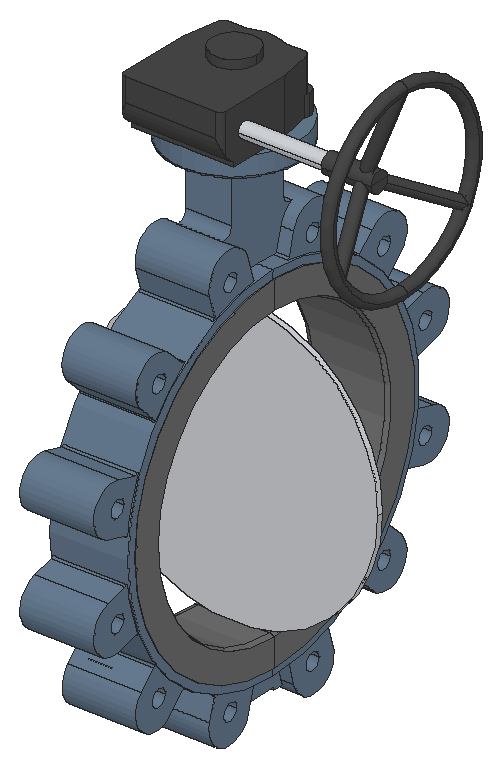
Revit family "Absperr- und Regulierklappe mit Getriebe AF-4219", category Rohrzubehör, Revit 2018
Family settings
  Bemaßung runder Anschluss = Durchmesser verwenden
  Teiletyp = Unterbricht
  OmniClass-Nummer = 23.65.55.14
  OmniClass-Titel = Valves for Liquid Services
  Arbeitsebenenbasiert = Nein
  Immer vertikal = Ja
  Beim Laden mit Abzugskörper schneiden = Nein
  Gemeinsam genutzt = Nein
Parameters
  URL = "www.herz-armaturen.at"
  Spindel = "Edelstahl ASTM-A276 / Type 316"  # constant formula
  Schrauben [instance] = if(Nennweite = 50 mm, "4x M16x35", if(Nennweite = 65 mm, "4x M16x35", if(Nennweite = 80 mm, "8x M16x35", if(Nennweite = 100 mm, "8x M16x40", if(Nennweite = 125 mm, "8x M16x40", if(Nennweite = 150 mm, "8x M20x40", if(Nennweite = 200 mm, "12x M20x45", if(Nennweite = 250 mm, "12x M24x45", "12x M24x45"))))))))  # "12x M24x45"
  SCTWSEQ = "FW;SBT_TYP_FW=\"101\";2"
  SCTWCODE = "04;07;02"  # constant formula
  SCRNSEQ = "ARM;ARM_TYP=\"ALLF\";2"
  SCRNCODE = "05;13;02"  # constant formula
  R99 = 1.5 mm  # constant formula
  PN [instance] = size_lookup("4219_AF_G", "PN", 16, Nennweite)  # 10
  O-Ring = "EPDM entsprechend ISO 1691"  # constant formula
  Min.Betriebstemperatur = "-20.00 °C bei entsprechneder Wasser-Glycolmischung"  # constant formula
  Medium = "Ethylen- und Propyleneglykol kann in einem Mischungsverhältnis zwischen 25 - 50 vol. [%] verwendet werden."
  Max.Betriebstemperatur = 110 °C  # constant formula
  L04 [instance] = L01 - 3.5 mm  # 35.5 mm
  L03 [instance] = L01 + 1.5 mm  # 40.5 mm
  L02 [instance] = size_lookup("4219_AF_G", "L2", 14.5 mm, Nennweite)  # 30.5 mm
  L01 [instance] = size_lookup("4219_AF_G", "L1", 21.5 mm, Nennweite)  # 39 mm
  R01 [instance] = size_lookup("4219_AF_G", "R1", 44 mm, Nennweite)  # 65 mm
  Nennweite [instance] = 300 mm
  Klappenscheibe = "Edelstahl 1.4408"  # constant formula
  Hersteller = "HERZ Armaturen Ges.m.b.H."  # constant formula
  Hebel DN50-150 = "Stahl, ST14.03"  # constant formula
  Hebel DN200-DN300 = "Stahl, S235 DIN2458/1626"  # constant formula
  H02 [instance] = size_lookup("4219_AF_G", "H2", 13 mm, Nennweite)  # 20 mm
  H01 [instance] = size_lookup("4219_AF_G", "H1", 125 mm, Nennweite)  # 308 mm
  Gewicht [instance] = size_lookup("4219_AF_G", "Gewicht", 3.8, Nennweite)  # 37.6
  Gehäuseauskleidung = "EPDM entsprechend ISO 1691"  # constant formula
  Gehäuse = "GGG, GJS-400-15/JS1030, entsprechend EN1563"  # constant formula
  Drehmoment in NM [instance] = size_lookup("4219_AF_G", "Nm", 20, Nennweite)  # 350
  DN80 [instance] = Nennweite = 80 mm  # no
  DN65 [instance] = Nennweite = 65 mm  # no
  DN50 [instance] = Nennweite = 50 mm  # no
  DN300 [instance] = Nennweite = 300 mm  # yes
  DN250 [instance] = Nennweite = 250 mm  # no
  DN200 [instance] = Nennweite = 200 mm  # no
  DN150 [instance] = Nennweite = 150 mm  # no
  DN125 [instance] = Nennweite = 125 mm  # no
  DN100 [instance] = Nennweite = 100 mm  # no
  D06 [instance] = size_lookup("4219_AF_G", "D6", 25.3 mm, Nennweite)  # 146.5 mm
  D05 [instance] = size_lookup("4219_AF_G", "D5", 24.5 mm, Nennweite)  # 145 mm
  D04 [instance] = D05 + 2 mm  # 147 mm
  D03 [instance] = size_lookup("4219_AF_G", "D3", 35.5 mm, Nennweite)  # 167.5 mm
  D02 [instance] = size_lookup("4219_AF_G", "D2", 41 mm, Nennweite)  # 175 mm
  D01 [instance] = size_lookup("4219_AF_G", "D1", 47 mm, Nennweite)  # 183 mm
  Bestellnummer [instance] = size_lookup("4219_AF_G", "Artnr", 421911, Nennweite)  # 1421979
  Anwendungsgebiet = "Geeignet für Flüssigkeiten in der Haustechnik, Kaltwasser, Heißwasser, etc."
  Anschlussflansch = "entsprechend EN1092-2"  # constant formula
Reference planes
  plane 1 "Mitte (Vorne/hinten)": y = 0
  plane 2: z = 0
  plane 3 "Mitte (Links/rechts)": x = 0
Forms (mm)
  Revolve 1, solid, material "Herz-Metall-blau", detail levels fine
    sketch origin (0, 0, 0) x (1, 0, 0) y (0, 0, 1)
      loop
        line (-30.5, 175) -> (-30.5, 167.5) -> (30.5, 167.5) -> (30.5, 175) -> (39, 175) -> (39, 183) -> (-39, 183) -> (-39, 175) -> (-30.5, 175)
      axis (-39, 0) -> (39, 0)
    angle from 0 to 360
  Revolve 2, solid, material "Herz-Metall-blau", detail levels fine
    sketch origin (0, 0, 0) x (1, 0, 0) y (0, 0, 1)
      loop
        line (-65, 308) -> (-65, 289.463)
        arc (-65, 289.463) -> (-64.673, 288.527) -> (-63.833, 288) r 1.5
        line (-63.833, 288) -> (0, 288) -> (0, 308) -> (-65, 308)
      axis (0, 308) -> (0, 288)
    angle from 0 to 360
  Extrusion 3, solid, material "Herz-Metall-blau", visible <- "DN50", detail levels fine
    sketch origin (0, 0, 0) x (0, 1, 0) y (0, 0, 1)
      loop
        line (56.215, -32.173) -> (43.95, -19.909)
        arc (43.95, -19.909) -> (43.387, -18.793) -> (43.596, -17.56) r 2
        arc (43.596, -17.56) -> (33.234, -33.234) -> (17.56, -43.596) r 47
        arc (17.56, -43.596) -> (18.793, -43.387) -> (19.909, -43.95) r 2
        line (19.909, -43.95) -> (32.173, -56.215)
        arc (32.173, -56.215) -> (56.215, -56.215) -> (56.215, -32.173) r 17
      loop
        arc (-56.215, -32.173) -> (-56.215, -56.215) -> (-32.173, -56.215) r 17
        line (-32.173, -56.215) -> (-19.909, -43.95)
        arc (-19.909, -43.95) -> (-18.793, -43.387) -> (-17.56, -43.596) r 2
        arc (-17.56, -43.596) -> (-33.234, -33.234) -> (-43.596, -17.56) r 47
        arc (-43.596, -17.56) -> (-43.387, -18.793) -> (-43.95, -19.909) r 2
        line (-43.95, -19.909) -> (-56.215, -32.173)
      loop
        arc (56.215, 32.173) -> (56.215, 56.215) -> (32.173, 56.215) r 17
        line (32.173, 56.215) -> (19.909, 43.95)
        arc (19.909, 43.95) -> (18.793, 43.387) -> (17.56, 43.596) r 2
        arc (17.56, 43.596) -> (33.234, 33.234) -> (43.596, 17.56) r 47
        arc (43.596, 17.56) -> (43.387, 18.793) -> (43.95, 19.909) r 2
        line (43.95, 19.909) -> (56.215, 32.173)
      loop
        line (-56.215, 32.173) -> (-43.95, 19.909)
        arc (-43.95, 19.909) -> (-43.387, 18.793) -> (-43.596, 17.56) r 2
        arc (-43.596, 17.56) -> (-33.234, 33.234) -> (-17.56, 43.596) r 47
        arc (-17.56, 43.596) -> (-18.793, 43.387) -> (-19.909, 43.95) r 2
        line (-19.909, 43.95) -> (-32.173, 56.215)
        arc (-32.173, 56.215) -> (-56.215, 56.215) -> (-56.215, 32.173) r 17
      loop
        circle (-44.194, 44.194) r 6.92
      loop
        circle (44.194, 44.194) r 6.92
      loop
        circle (44.194, -44.194) r 6.92
      loop
        circle (-44.194, -44.194) r 6.92
    from -19.5 to 19.5
  Extrusion 4, solid, material "Herz-Metall-blau", visible <- "DN50", detail levels fine
    sketch origin (0, 0, 0) x (0, 1, 0) y (0, 0, 1)
      loop
        line (20, 74.845) -> (20, 112) -> (-20, 112) -> (-20, 74.845)
        arc (-20, 74.845) -> (-26.046, 62.811) -> (-39.31, 60.477) r 15
        arc (-39.31, 60.477) -> (-35.477, 58.789) -> (-32.173, 56.215) r 17
        line (-32.173, 56.215) -> (-19.909, 43.95)
        arc (-19.909, 43.95) -> (-18.793, 43.387) -> (-17.56, 43.596) r 2
        arc (-17.56, 43.596) -> (0, 47) -> (17.56, 43.596) r 47
        arc (17.56, 43.596) -> (18.793, 43.387) -> (19.909, 43.95) r 2
        line (19.909, 43.95) -> (32.173, 56.215)
        arc (32.173, 56.215) -> (35.477, 58.789) -> (39.31, 60.477) r 17
        arc (39.31, 60.477) -> (26.046, 62.811) -> (20, 74.845) r 15
    from -15 to 15
  Extrusion 5, solid, material "Herz-Metall-blau", visible <- "DN50"
    sketch origin (0, 0, 0) x (0, 1, 0) y (0, 0, 1)
      loop
        arc (33.834, -58) -> (34.246, -58.062) -> (34.622, -58.243) r 1.4
        arc (34.622, -58.243) -> (33.35, -57.286) -> (32.173, -56.215) r 17
        line (32.173, -56.215) -> (19.909, -43.95)
        arc (19.909, -43.95) -> (18.793, -43.387) -> (17.56, -43.596) r 2
        arc (17.56, -43.596) -> (0, -47) -> (-17.56, -43.596) r 47
        arc (-17.56, -43.596) -> (-18.793, -43.387) -> (-19.909, -43.95) r 2
        line (-19.909, -43.95) -> (-32.173, -56.215)
        arc (-32.173, -56.215) -> (-33.35, -57.286) -> (-34.622, -58.243) r 17
        arc (-34.622, -58.243) -> (-34.246, -58.062) -> (-33.834, -58) r 1.4
        line (-33.834, -58) -> (-16.963, -58)
        arc (-16.963, -58) -> (-15.575, -58.575) -> (-15, -59.963) r 1.963
        line (-15, -59.963) -> (-15, -61) -> (15, -61) -> (15, -59.963)
        arc (15, -59.963) -> (15.575, -58.575) -> (16.963, -58) r 1.963
        line (16.963, -58) -> (33.834, -58)
    from -15 to 15
  Revolve 6, solid, material "Gummi", detail levels fine
    sketch origin (-134.5, 0, 0) x (1, 0, 0) y (0, 0, 1)
      loop
        line (94, 175) -> (94, 147) -> (99, 145) -> (170, 145) -> (175, 147) -> (175, 175) -> (165, 175) -> (165, 167.5) -> (104, 167.5) -> (104, 175) -> (94, 175)
      axis (94, 0) -> (175, 0)
    angle from 0 to 360
  Extrusion 7, solid, detail levels fine
    sketch origin (0, 0, 0) x (1, 0, 0) y (0, 0, 1)
      loop
        circle (0, 0) r 146.5
    from -2.5 to 2.5
  Extrusion 8, solid, material "Herz-Metall-blau", visible <- "DN65", detail levels fine
    sketch origin (0, -300, 0) x (0, 1, 0) y (0, 0, 1)
      loop
        circle (351.265, 51.265) r 6.92
      loop
        arc (363.286, 39.244) -> (363.286, 63.286) -> (339.244, 63.286) r 17
        line (339.244, 63.286) -> (328.595, 52.636)
        arc (328.595, 52.636) -> (327.499, 52.076) -> (326.282, 52.264) r 2
        arc (326.282, 52.264) -> (341.366, 41.366) -> (352.264, 26.282) r 58.501
        arc (352.264, 26.282) -> (352.087, 27.51) -> (352.656, 28.614) r 2.038
        line (352.656, 28.614) -> (363.286, 39.244)
      loop
        circle (351.265, -51.265) r 6.92
      loop
        line (363.286, -39.244) -> (352.656, -28.614)
        arc (352.656, -28.614) -> (352.087, -27.51) -> (352.264, -26.282) r 2.038
        arc (352.264, -26.282) -> (341.366, -41.366) -> (326.282, -52.264) r 58.501
        arc (326.282, -52.264) -> (327.499, -52.076) -> (328.595, -52.636) r 2
        line (328.595, -52.636) -> (339.244, -63.286)
        arc (339.244, -63.286) -> (363.286, -63.286) -> (363.286, -39.244) r 17
      loop
        circle (248.735, 51.265) r 6.92
      loop
        line (236.714, 39.244) -> (247.344, 28.614)
        arc (247.344, 28.614) -> (247.913, 27.51) -> (247.736, 26.282) r 2.038
        arc (247.736, 26.282) -> (258.634, 41.366) -> (273.718, 52.264) r 58.501
        arc (273.718, 52.264) -> (272.501, 52.076) -> (271.405, 52.636) r 2
        line (271.405, 52.636) -> (260.756, 63.286)
        arc (260.756, 63.286) -> (236.714, 63.286) -> (236.714, 39.244) r 17
      loop
        circle (248.735, -51.265) r 6.92
      loop
        arc (236.714, -39.244) -> (236.714, -63.286) -> (260.756, -63.286) r 17
        line (260.756, -63.286) -> (271.405, -52.636)
        arc (271.405, -52.636) -> (272.501, -52.076) -> (273.718, -52.264) r 2
        arc (273.718, -52.264) -> (258.634, -41.366) -> (247.736, -26.282) r 58.501
        arc (247.736, -26.282) -> (247.913, -27.51) -> (247.344, -28.614) r 2.038
        line (247.344, -28.614) -> (236.714, -39.244)
    from -21 to 21
  Extrusion 9, solid, material "Herz-Metall-blau", visible <- "DN65", detail levels fine
    sketch origin (0, -300, 0) x (0, 1, 0) y (0, 0, 1)
      loop
        line (278, 136.5) -> (278, 78.286)
        arc (278, 78.286) -> (272.889, 69.099) -> (263, 65.53) r 14.984
        line (263, 65.53) -> (257.982, 65.53)
        arc (257.982, 65.53) -> (259.428, 64.481) -> (260.756, 63.286) r 17
        line (260.756, 63.286) -> (271.405, 52.636)
        arc (271.405, 52.636) -> (272.501, 52.076) -> (273.718, 52.264) r 2
        arc (273.718, 52.264) -> (300, 58.5) -> (326.282, 52.264) r 58.5
        arc (326.282, 52.264) -> (327.499, 52.076) -> (328.595, 52.636) r 2
        line (328.595, 52.636) -> (339.244, 63.286)
        arc (339.244, 63.286) -> (340.572, 64.481) -> (342.018, 65.53) r 17
        line (342.018, 65.53) -> (337, 65.53)
        arc (337, 65.53) -> (327.111, 69.099) -> (322, 78.286) r 14.984
        line (322, 78.286) -> (322, 136.5) -> (278, 136.5)
      loop
        arc (260.756, -63.286) -> (259.428, -64.481) -> (257.982, -65.53) r 17
        line (257.982, -65.53) -> (280.029, -65.53)
        arc (280.029, -65.53) -> (281.423, -66.108) -> (282, -67.501) r 1.971
        line (282, -67.501) -> (282, -74) -> (318, -74) -> (318, -67.527)
        arc (318, -67.527) -> (318.585, -66.115) -> (319.997, -65.53) r 1.997
        line (319.997, -65.53) -> (342.018, -65.53)
        arc (342.018, -65.53) -> (340.572, -64.481) -> (339.244, -63.286) r 17
        line (339.244, -63.286) -> (328.595, -52.636)
        arc (328.595, -52.636) -> (327.499, -52.076) -> (326.282, -52.264) r 2
        arc (326.282, -52.264) -> (300, -58.5) -> (273.718, -52.264) r 58.5
        arc (273.718, -52.264) -> (272.501, -52.076) -> (271.405, -52.636) r 2
        line (271.405, -52.636) -> (260.756, -63.286)
    from -18 to 18
  Extrusion 10, solid, material "Herz-Metall-blau", visible <- "DN80", detail levels fine
    sketch origin (0, -300, 0) x (0, 1, 0) y (0, 0, 1)
      loop
        circle (269.385, 73.91) r 6.92
      loop
        arc (285.091, 80.416) -> (262.88, 89.616) -> (253.679, 67.405) r 17
        line (253.679, 67.405) -> (259.513, 53.322)
        arc (259.513, 53.322) -> (259.602, 52.073) -> (258.924, 51.02) r 1.982
        arc (258.924, 51.02) -> (274.934, 60.514) -> (292.968, 65.121) r 65.5
        arc (292.968, 65.121) -> (291.745, 65.388) -> (290.924, 66.335) r 1.984
        line (290.924, 66.335) -> (285.091, 80.416)
      loop
        circle (226.09, 30.615) r 6.92
      loop
        line (219.584, 14.909) -> (233.665, 9.076)
        arc (233.665, 9.076) -> (234.612, 8.255) -> (234.879, 7.032) r 1.984
        arc (234.879, 7.032) -> (239.486, 25.066) -> (248.98, 41.076) r 65.5
        arc (248.98, 41.076) -> (247.927, 40.398) -> (246.678, 40.487) r 1.982
        line (246.678, 40.487) -> (232.595, 46.321)
        arc (232.595, 46.321) -> (210.384, 37.12) -> (219.584, 14.909) r 17
      loop
        circle (269.385, -73.91) r 6.92
      loop
        line (285.091, -80.416) -> (290.924, -66.335)
        arc (290.924, -66.335) -> (291.745, -65.388) -> (292.968, -65.121) r 1.984
        arc (292.968, -65.121) -> (274.934, -60.514) -> (258.924, -51.02) r 65.5
        arc (258.924, -51.02) -> (259.602, -52.073) -> (259.513, -53.322) r 1.982
        line (259.513, -53.322) -> (253.679, -67.405)
        arc (253.679, -67.405) -> (262.88, -89.616) -> (285.091, -80.416) r 17
      loop
        circle (226.09, -30.615) r 6.92
      loop
        arc (219.584, -14.909) -> (210.384, -37.12) -> (232.595, -46.321) r 17
        line (232.595, -46.321) -> (246.678, -40.487)
        arc (246.678, -40.487) -> (247.927, -40.398) -> (248.98, -41.076) r 1.982
        arc (248.98, -41.076) -> (239.486, -25.066) -> (234.879, -7.032) r 65.5
        arc (234.879, -7.032) -> (234.612, -8.255) -> (233.665, -9.076) r 1.984
        line (233.665, -9.076) -> (219.584, -14.909)
      loop
        circle (330.615, 73.91) r 6.92
      loop
        line (314.909, 80.416) -> (309.076, 66.335)
        arc (309.076, 66.335) -> (308.255, 65.388) -> (307.032, 65.121) r 1.984
        arc (307.032, 65.121) -> (325.066, 60.514) -> (341.076, 51.02) r 65.5
        arc (341.076, 51.02) -> (340.398, 52.073) -> (340.487, 53.322) r 1.982
        line (340.487, 53.322) -> (346.321, 67.405)
        arc (346.321, 67.405) -> (337.12, 89.616) -> (314.909, 80.416) r 17
      loop
        circle (373.91, 30.615) r 6.92
      loop
        arc (380.416, 14.909) -> (389.616, 37.12) -> (367.405, 46.321) r 17
        line (367.405, 46.321) -> (353.322, 40.487)
        arc (353.322, 40.487) -> (352.073, 40.398) -> (351.02, 41.076) r 1.982
        arc (351.02, 41.076) -> (360.514, 25.066) -> (365.121, 7.032) r 65.5
        arc (365.121, 7.032) -> (365.388, 8.255) -> (366.335, 9.076) r 1.984
        line (366.335, 9.076) -> (380.416, 14.909)
      loop
        circle (330.615, -73.91) r 6.92
      loop
        arc (314.909, -80.416) -> (337.12, -89.616) -> (346.321, -67.405) r 17
        line (346.321, -67.405) -> (340.487, -53.322)
        arc (340.487, -53.322) -> (340.398, -52.073) -> (341.076, -51.02) r 1.982
        arc (341.076, -51.02) -> (325.066, -60.514) -> (307.032, -65.121) r 65.5
        arc (307.032, -65.121) -> (308.255, -65.388) -> (309.076, -66.335) r 1.984
        line (309.076, -66.335) -> (314.909, -80.416)
      loop
        circle (373.91, -30.615) r 6.92
      loop
        line (380.416, -14.909) -> (366.335, -9.076)
        arc (366.335, -9.076) -> (365.388, -8.255) -> (365.121, -7.032) r 1.984
        arc (365.121, -7.032) -> (360.514, -25.066) -> (351.02, -41.076) r 65.5
        arc (351.02, -41.076) -> (352.073, -40.398) -> (353.322, -40.487) r 1.982
        line (353.322, -40.487) -> (367.405, -46.321)
        arc (367.405, -46.321) -> (389.616, -37.12) -> (380.416, -14.909) r 17
    from -21 to 21
  Extrusion 11, solid, material "Herz-Metall-blau", visible <- "DN80", detail levels fine
    sketch origin (0, -300, 0) x (0, 1, 0) y (0, 0, 1)
      loop
        line (278, 143.5) -> (278, 100.814)
        arc (278, 100.814) -> (275.545, 94.251) -> (269.385, 90.91) r 10
        arc (269.385, 90.91) -> (278.83, 88.045) -> (285.091, 80.416) r 17
        line (285.091, 80.416) -> (290.924, 66.335)
        arc (290.924, 66.335) -> (291.744, 65.388) -> (292.968, 65.121) r 1.984
        arc (292.968, 65.121) -> (300, 65.497) -> (307.032, 65.121) r 66.05
        arc (307.032, 65.121) -> (308.256, 65.388) -> (309.076, 66.335) r 1.984
        line (309.076, 66.335) -> (314.909, 80.416)
        arc (314.909, 80.416) -> (321.17, 88.045) -> (330.615, 90.91) r 17
        arc (330.615, 90.91) -> (324.455, 94.251) -> (322, 100.814) r 10
        line (322, 100.814) -> (322, 143.5) -> (278, 143.5)
      loop
        line (285.091, -80.416) -> (286.5, -80.946) -> (313.5, -80.946) -> (314.89, -80.371) -> (309.076, -66.335)
        arc (309.076, -66.335) -> (308.256, -65.388) -> (307.032, -65.121) r 1.984
        arc (307.032, -65.121) -> (300, -65.497) -> (292.968, -65.121) r 66.05
        arc (292.968, -65.121) -> (291.744, -65.388) -> (290.924, -66.335) r 1.984
        line (290.924, -66.335) -> (285.091, -80.416)
    from -18.5 to 18.5
  Extrusion 12, solid, material "Herz-Metall-blau", visible <- "DN100", detail levels fine
    sketch origin (0, -300, 0) x (0, 1, 0) y (0, 0, 1)
      loop
        circle (265.558, 83.149) r 6.92
      loop
        arc (281.264, 89.655) -> (259.053, 98.855) -> (249.853, 76.644) r 17
        line (249.853, 76.644) -> (255.731, 62.451)
        arc (255.731, 62.451) -> (255.813, 61.14) -> (255.074, 60.055) r 2.025
        arc (255.074, 60.055) -> (271.3, 69.291) -> (289.305, 74.233) r 75
        arc (289.305, 74.233) -> (288.012, 74.478) -> (287.142, 75.464) r 2.027
        line (287.142, 75.464) -> (281.264, 89.655)
      loop
        circle (216.851, 34.442) r 6.92
      loop
        line (210.345, 18.736) -> (224.536, 12.858)
        arc (224.536, 12.858) -> (225.522, 11.988) -> (225.767, 10.695) r 2.027
        arc (225.767, 10.695) -> (230.709, 28.7) -> (239.945, 44.926) r 75
        arc (239.945, 44.926) -> (238.86, 44.187) -> (237.549, 44.269) r 2.025
        line (237.549, 44.269) -> (223.356, 50.147)
        arc (223.356, 50.147) -> (201.145, 40.947) -> (210.345, 18.736) r 17
      loop
        circle (265.558, -83.149) r 6.92
      loop
        line (281.264, -89.655) -> (287.142, -75.464)
        arc (287.142, -75.464) -> (288.012, -74.478) -> (289.305, -74.233) r 2.027
        arc (289.305, -74.233) -> (271.3, -69.291) -> (255.074, -60.055) r 75
        arc (255.074, -60.055) -> (255.813, -61.14) -> (255.731, -62.451) r 2.025
        line (255.731, -62.451) -> (249.853, -76.644)
        arc (249.853, -76.644) -> (259.053, -98.855) -> (281.264, -89.655) r 17
      loop
        circle (216.851, -34.442) r 6.92
      loop
        arc (210.345, -18.736) -> (201.145, -40.947) -> (223.356, -50.147) r 17
        line (223.356, -50.147) -> (237.549, -44.269)
        arc (237.549, -44.269) -> (238.86, -44.187) -> (239.945, -44.926) r 2.025
        arc (239.945, -44.926) -> (230.709, -28.7) -> (225.767, -10.695) r 75
        arc (225.767, -10.695) -> (225.522, -11.988) -> (224.536, -12.858) r 2.027
        line (224.536, -12.858) -> (210.345, -18.736)
      loop
        circle (334.442, 83.149) r 6.92
      loop
        line (318.736, 89.655) -> (312.858, 75.464)
        arc (312.858, 75.464) -> (311.988, 74.478) -> (310.695, 74.233) r 2.027
        arc (310.695, 74.233) -> (328.7, 69.291) -> (344.926, 60.055) r 75
        arc (344.926, 60.055) -> (344.187, 61.14) -> (344.269, 62.451) r 2.025
        line (344.269, 62.451) -> (350.147, 76.644)
        arc (350.147, 76.644) -> (340.947, 98.855) -> (318.736, 89.655) r 17
      loop
        circle (383.149, 34.442) r 6.92
      loop
        arc (389.655, 18.736) -> (398.855, 40.947) -> (376.644, 50.147) r 17
        line (376.644, 50.147) -> (362.451, 44.269)
        arc (362.451, 44.269) -> (361.14, 44.187) -> (360.055, 44.926) r 2.025
        arc (360.055, 44.926) -> (369.291, 28.7) -> (374.233, 10.695) r 75
        arc (374.233, 10.695) -> (374.478, 11.988) -> (375.464, 12.858) r 2.027
        line (375.464, 12.858) -> (389.655, 18.736)
      loop
        circle (334.442, -83.149) r 6.92
      loop
        arc (318.736, -89.655) -> (340.947, -98.855) -> (350.147, -76.644) r 17
        line (350.147, -76.644) -> (344.269, -62.451)
        arc (344.269, -62.451) -> (344.187, -61.14) -> (344.926, -60.055) r 2.025
        arc (344.926, -60.055) -> (328.7, -69.291) -> (310.695, -74.233) r 75
        arc (310.695, -74.233) -> (311.988, -74.478) -> (312.858, -75.464) r 2.027
        line (312.858, -75.464) -> (318.736, -89.655)
      loop
        circle (383.149, -34.442) r 6.92
      loop
        line (389.655, -18.736) -> (375.464, -12.858)
        arc (375.464, -12.858) -> (374.478, -11.988) -> (374.233, -10.695) r 2.027
        arc (374.233, -10.695) -> (369.291, -28.7) -> (360.055, -44.926) r 75
        arc (360.055, -44.926) -> (361.14, -44.187) -> (362.451, -44.269) r 2.025
        line (362.451, -44.269) -> (376.644, -50.147)
        arc (376.644, -50.147) -> (398.855, -40.947) -> (389.655, -18.736) r 17
    from -24 to 24
  Extrusion 13, solid, material "Herz-Metall-blau", visible <- "DN100", detail levels fine
    sketch origin (0, -300, 0) x (0, 1, 0) y (0, 0, 1)
      loop
        line (274, 167) -> (274, 114.47)
        arc (274, 114.47) -> (270.644, 105.014) -> (262.078, 99.789) r 15
        arc (262.078, 99.789) -> (273.498, 98.181) -> (281.264, 89.655) r 17
        line (281.264, 89.655) -> (287.142, 75.464)
        arc (287.142, 75.464) -> (288.012, 74.478) -> (289.305, 74.233) r 2.027
        arc (289.305, 74.233) -> (300, 75) -> (310.695, 74.233) r 75
        arc (310.695, 74.233) -> (311.988, 74.478) -> (312.858, 75.464) r 2.027
        line (312.858, 75.464) -> (318.736, 89.655)
        arc (318.736, 89.655) -> (326.502, 98.181) -> (337.922, 99.789) r 17
        arc (337.922, 99.789) -> (329.356, 105.014) -> (326, 114.47) r 15
        line (326, 114.47) -> (326, 167) -> (274, 167)
      loop
        line (286.5, -93) -> (313.5, -93) -> (313.5, -96) -> (323.312, -96)
        arc (323.312, -96) -> (320.654, -93.094) -> (318.736, -89.655) r 17
        line (318.736, -89.655) -> (312.858, -75.464)
        arc (312.858, -75.464) -> (311.988, -74.478) -> (310.695, -74.233) r 2.027
        arc (310.695, -74.233) -> (300, -75) -> (289.305, -74.233) r 75
        arc (289.305, -74.233) -> (288.012, -74.478) -> (287.142, -75.464) r 2.027
        line (287.142, -75.464) -> (281.264, -89.655)
        arc (281.264, -89.655) -> (279.346, -93.094) -> (276.688, -96) r 17
        line (276.688, -96) -> (286.5, -96) -> (286.5, -93)
    from -18 to 18
  Extrusion 14, solid, material "Herz-Metall-blau", visible <- "DN125", detail levels fine
    sketch origin (0, -300, 0) x (0, 1, 0) y (0, 0, 1)
      loop
        circle (259.818, 97.007) r 6.92
      loop
        arc (275.524, 103.513) -> (253.313, 112.713) -> (244.112, 90.502) r 17
        line (244.112, 90.502) -> (249.217, 78.179)
        arc (249.217, 78.179) -> (249.286, 76.825) -> (248.485, 75.731) r 2.023
        arc (248.485, 75.731) -> (264.902, 84.594) -> (282.772, 89.957) r 91.852
        arc (282.772, 89.957) -> (281.505, 90.18) -> (280.649, 91.141) r 1.958
        line (280.649, 91.141) -> (275.524, 103.513)
      loop
        circle (202.993, 40.182) r 6.92
      loop
        line (196.487, 24.476) -> (208.859, 19.351)
        arc (208.859, 19.351) -> (209.82, 18.495) -> (210.043, 17.228) r 1.958
        arc (210.043, 17.228) -> (215.406, 35.098) -> (224.269, 51.515) r 91.852
        arc (224.269, 51.515) -> (223.175, 50.714) -> (221.821, 50.783) r 2.023
        line (221.821, 50.783) -> (209.498, 55.888)
        arc (209.498, 55.888) -> (187.287, 46.687) -> (196.487, 24.476) r 17
      loop
        circle (259.818, -97.007) r 6.92
      loop
        line (275.524, -103.513) -> (280.649, -91.141)
        arc (280.649, -91.141) -> (281.505, -90.18) -> (282.772, -89.957) r 1.958
        arc (282.772, -89.957) -> (264.902, -84.594) -> (248.485, -75.731) r 91.852
        arc (248.485, -75.731) -> (249.286, -76.825) -> (249.217, -78.179) r 2.023
        line (249.217, -78.179) -> (244.112, -90.502)
        arc (244.112, -90.502) -> (253.313, -112.713) -> (275.524, -103.513) r 17
      loop
        circle (202.993, -40.182) r 6.92
      loop
        arc (196.487, -24.476) -> (187.287, -46.687) -> (209.498, -55.888) r 17
        line (209.498, -55.888) -> (221.821, -50.783)
        arc (221.821, -50.783) -> (223.175, -50.714) -> (224.269, -51.515) r 2.023
        arc (224.269, -51.515) -> (215.406, -35.098) -> (210.043, -17.228) r 91.852
        arc (210.043, -17.228) -> (209.82, -18.495) -> (208.859, -19.351) r 1.958
        line (208.859, -19.351) -> (196.487, -24.476)
      loop
        circle (340.182, 97.007) r 6.92
      loop
        line (324.476, 103.513) -> (319.351, 91.141)
        arc (319.351, 91.141) -> (318.495, 90.18) -> (317.228, 89.957) r 1.958
        arc (317.228, 89.957) -> (335.098, 84.594) -> (351.515, 75.731) r 91.852
        arc (351.515, 75.731) -> (350.714, 76.825) -> (350.783, 78.179) r 2.023
        line (350.783, 78.179) -> (355.888, 90.502)
        arc (355.888, 90.502) -> (346.687, 112.713) -> (324.476, 103.513) r 17
      loop
        circle (397.007, 40.182) r 6.92
      loop
        arc (403.513, 24.476) -> (412.713, 46.687) -> (390.502, 55.888) r 17
        line (390.502, 55.888) -> (378.179, 50.783)
        arc (378.179, 50.783) -> (376.825, 50.714) -> (375.731, 51.515) r 2.023
        arc (375.731, 51.515) -> (384.594, 35.098) -> (389.957, 17.228) r 91.852
        arc (389.957, 17.228) -> (390.18, 18.495) -> (391.141, 19.351) r 1.958
        line (391.141, 19.351) -> (403.513, 24.476)
      loop
        circle (340.182, -97.007) r 6.92
      loop
        arc (324.476, -103.513) -> (346.687, -112.713) -> (355.888, -90.502) r 17
        line (355.888, -90.502) -> (350.783, -78.179)
        arc (350.783, -78.179) -> (350.714, -76.825) -> (351.515, -75.731) r 2.023
        arc (351.515, -75.731) -> (335.098, -84.594) -> (317.228, -89.957) r 91.852
        arc (317.228, -89.957) -> (318.495, -90.18) -> (319.351, -91.141) r 1.958
        line (319.351, -91.141) -> (324.476, -103.513)
      loop
        circle (397.007, -40.182) r 6.92
      loop
        line (403.513, -24.476) -> (391.141, -19.351)
        arc (391.141, -19.351) -> (390.18, -18.495) -> (389.957, -17.228) r 1.958
        arc (389.957, -17.228) -> (384.594, -35.098) -> (375.731, -51.515) r 91.852
        arc (375.731, -51.515) -> (376.825, -50.714) -> (378.179, -50.783) r 2.023
        line (378.179, -50.783) -> (390.502, -55.888)
        arc (390.502, -55.888) -> (412.713, -46.687) -> (403.513, -24.476) r 17
    from -26 to 26
  Extrusion 15, solid, material "Herz-Metall-blau", visible <- "DN125", detail levels fine
    sketch origin (0, -300, 0) x (0, 1, 0) y (0, 0, 1)
      loop
        line (273.999, 186) -> (273.95, 123.689)
        arc (273.95, 123.689) -> (270.458, 116.096) -> (262.42, 113.807) r 10
        arc (262.42, 113.807) -> (270.32, 110.376) -> (275.524, 103.513) r 17
        line (275.524, 103.513) -> (280.649, 91.141)
        arc (280.649, 91.141) -> (281.528, 90.167) -> (282.825, 89.967) r 1.958
        arc (282.825, 89.967) -> (299.999, 91.589) -> (317.173, 89.967) r 91.7
        arc (317.173, 89.967) -> (318.469, 90.167) -> (319.348, 91.141) r 1.958
        line (319.348, 91.141) -> (324.473, 103.513)
        arc (324.473, 103.513) -> (329.677, 110.376) -> (337.577, 113.807) r 17
        arc (337.577, 113.807) -> (329.539, 116.096) -> (325.999, 123.689) r 10
        line (325.999, 123.689) -> (325.999, 186) -> (273.999, 186)
      loop
        line (286.499, -110.51) -> (313.499, -110.51) -> (313.499, -113.51) -> (336.099, -113.51)
        arc (336.099, -113.51) -> (329.095, -109.897) -> (324.473, -103.513) r 17
        line (324.473, -103.513) -> (319.348, -91.141)
        arc (319.348, -91.141) -> (318.469, -90.167) -> (317.173, -89.967) r 1.958
        arc (317.173, -89.967) -> (299.999, -91.589) -> (282.825, -89.967) r 91.7
        arc (282.825, -89.967) -> (281.528, -90.167) -> (280.649, -91.141) r 1.958
        line (280.649, -91.141) -> (275.524, -103.513)
        arc (275.524, -103.513) -> (270.902, -109.897) -> (263.898, -113.51) r 17
        line (263.898, -113.51) -> (286.499, -113.51) -> (286.499, -110.51)
    from -18 to 18
  Extrusion 16, solid, material "Herz-Metall-blau", visible <- "DN150", detail levels fine
    sketch origin (0, -300, 0) x (0, 1, 0) y (0, 0, 1)
      loop
        circle (254.078, 110.866) r 8.645
      loop
        arc (273.479, 118.902) -> (246.042, 130.267) -> (234.677, 102.829) r 21
        line (234.677, 102.829) -> (241.591, 86.136)
        arc (241.591, 86.136) -> (241.664, 84.82) -> (240.899, 83.746) r 1.993
        arc (240.899, 83.746) -> (260.776, 94.698) -> (282.575, 101.008) r 102.504
        arc (282.575, 101.008) -> (281.263, 101.248) -> (280.379, 102.246) r 2.042
        line (280.379, 102.246) -> (273.479, 118.902)
      loop
        circle (189.134, 45.922) r 8.645
      loop
        line (181.098, 26.521) -> (197.754, 19.621)
        arc (197.754, 19.621) -> (198.752, 18.737) -> (198.992, 17.425) r 2.042
        arc (198.992, 17.425) -> (205.302, 39.224) -> (216.254, 59.101) r 102.504
        arc (216.254, 59.101) -> (215.18, 58.336) -> (213.864, 58.409) r 1.993
        line (213.864, 58.409) -> (197.171, 65.323)
        arc (197.171, 65.323) -> (169.733, 53.958) -> (181.098, 26.521) r 21
      loop
        circle (254.078, -110.866) r 8.645
      loop
        line (273.479, -118.902) -> (280.379, -102.246)
        arc (280.379, -102.246) -> (281.263, -101.248) -> (282.575, -101.008) r 2.042
        arc (282.575, -101.008) -> (260.776, -94.698) -> (240.899, -83.746) r 102.504
        arc (240.899, -83.746) -> (241.664, -84.82) -> (241.591, -86.136) r 1.993
        line (241.591, -86.136) -> (234.677, -102.829)
        arc (234.677, -102.829) -> (246.042, -130.267) -> (273.479, -118.902) r 21
      loop
        circle (189.134, -45.922) r 8.645
      loop
        arc (181.098, -26.521) -> (169.733, -53.958) -> (197.171, -65.323) r 21
        line (197.171, -65.323) -> (213.864, -58.409)
        arc (213.864, -58.409) -> (215.18, -58.336) -> (216.254, -59.101) r 1.993
        arc (216.254, -59.101) -> (205.302, -39.224) -> (198.992, -17.425) r 102.504
        arc (198.992, -17.425) -> (198.752, -18.737) -> (197.754, -19.621) r 2.042
        line (197.754, -19.621) -> (181.098, -26.521)
      loop
        circle (345.922, 110.866) r 8.645
      loop
        line (326.521, 118.902) -> (319.621, 102.246)
        arc (319.621, 102.246) -> (318.737, 101.248) -> (317.425, 101.008) r 2.042
        arc (317.425, 101.008) -> (339.224, 94.698) -> (359.101, 83.746) r 102.504
        arc (359.101, 83.746) -> (358.336, 84.82) -> (358.409, 86.136) r 1.993
        line (358.409, 86.136) -> (365.323, 102.829)
        arc (365.323, 102.829) -> (353.958, 130.267) -> (326.521, 118.902) r 21
      loop
        circle (410.866, 45.922) r 8.645
      loop
        arc (418.902, 26.521) -> (430.267, 53.958) -> (402.829, 65.323) r 21
        line (402.829, 65.323) -> (386.136, 58.409)
        arc (386.136, 58.409) -> (384.82, 58.336) -> (383.746, 59.101) r 1.993
        arc (383.746, 59.101) -> (394.698, 39.224) -> (401.008, 17.425) r 102.504
        arc (401.008, 17.425) -> (401.248, 18.737) -> (402.246, 19.621) r 2.042
        line (402.246, 19.621) -> (418.902, 26.521)
      loop
        circle (345.922, -110.866) r 8.645
      loop
        arc (326.521, -118.902) -> (353.958, -130.267) -> (365.323, -102.829) r 21
        line (365.323, -102.829) -> (358.409, -86.136)
        arc (358.409, -86.136) -> (358.336, -84.82) -> (359.101, -83.746) r 1.993
        arc (359.101, -83.746) -> (339.224, -94.698) -> (317.425, -101.008) r 102.504
        arc (317.425, -101.008) -> (318.737, -101.248) -> (319.621, -102.246) r 2.042
        line (319.621, -102.246) -> (326.521, -118.902)
      loop
        circle (410.866, -45.922) r 8.645
      loop
        line (418.902, -26.521) -> (402.246, -19.621)
        arc (402.246, -19.621) -> (401.248, -18.737) -> (401.008, -17.425) r 2.042
        arc (401.008, -17.425) -> (394.698, -39.224) -> (383.746, -59.101) r 102.504
        arc (383.746, -59.101) -> (384.82, -58.336) -> (386.136, -58.409) r 1.993
        line (386.136, -58.409) -> (402.829, -65.323)
        arc (402.829, -65.323) -> (430.267, -53.958) -> (418.902, -26.521) r 21
    from -26 to 26
  Extrusion 17, solid, material "Herz-Metall-blau", visible <- "DN150", detail levels fine
    sketch origin (0, -300, 0) x (0, 1, 0) y (0, 0, 1)
      loop
        line (274, 199) -> (274, 135)
        arc (274, 135) -> (272.527, 129.776) -> (268.541, 126.091) r 10
        arc (268.541, 126.091) -> (271.388, 122.755) -> (273.479, 118.902) r 21
        line (273.479, 118.902) -> (280.379, 102.246)
        arc (280.379, 102.246) -> (281.28, 101.239) -> (282.612, 101.014) r 2.042
        arc (282.612, 101.014) -> (300, 102.5) -> (317.388, 101.014) r 102.5
        arc (317.388, 101.014) -> (318.72, 101.239) -> (319.621, 102.246) r 2.042
        line (319.621, 102.246) -> (326.521, 118.902)
        arc (326.521, 118.902) -> (328.612, 122.755) -> (331.459, 126.091) r 21
        arc (331.459, 126.091) -> (327.473, 129.776) -> (326, 135) r 10
        line (326, 135) -> (326, 199) -> (274, 199)
      loop
        line (286.5, -122.5) -> (313.5, -122.5) -> (313.5, -125.5) -> (330.861, -125.5)
        arc (330.861, -125.5) -> (328.378, -122.407) -> (326.521, -118.902) r 21
        line (326.521, -118.902) -> (319.621, -102.246)
        arc (319.621, -102.246) -> (318.72, -101.239) -> (317.388, -101.014) r 2.042
        arc (317.388, -101.014) -> (300, -102.5) -> (282.612, -101.014) r 102.5
        arc (282.612, -101.014) -> (281.28, -101.239) -> (280.379, -102.246) r 2.042
        line (280.379, -102.246) -> (273.479, -118.902)
        arc (273.479, -118.902) -> (271.622, -122.407) -> (269.139, -125.5) r 21
        line (269.139, -125.5) -> (286.5, -125.5) -> (286.5, -122.5)
    from -18 to 18
  Extrusion 18, solid, material "Herz-Metall-blau", visible <- "DN200", detail levels fine
    sketch origin (0, -400, 0) x (0, 1, 0) y (0, 0, 1)
      loop
        circle (361.824, 142.474) r 8.645
      loop
        arc (382.109, 147.909) -> (356.389, 162.759) -> (341.54, 137.039) r 21
        line (341.54, 137.039) -> (345.801, 121.136)
        arc (345.801, 121.136) -> (345.679, 119.74) -> (344.688, 118.75) r 2.048
        arc (344.688, 118.75) -> (366.062, 126.527) -> (388.459, 130.491) r 131
        arc (388.459, 130.491) -> (387.159, 130.838) -> (386.388, 131.939) r 1.965
        line (386.388, 131.939) -> (382.109, 147.909)
      loop
        circle (257.526, 38.176) r 8.645
      loop
        line (252.091, 17.891) -> (268.061, 13.612)
        arc (268.061, 13.612) -> (269.162, 12.841) -> (269.509, 11.541) r 1.965
        arc (269.509, 11.541) -> (273.473, 33.938) -> (281.25, 55.312) r 131
        arc (281.25, 55.312) -> (280.26, 54.321) -> (278.864, 54.199) r 2.048
        line (278.864, 54.199) -> (262.961, 58.46)
        arc (262.961, 58.46) -> (237.241, 43.611) -> (252.091, 17.891) r 21
      loop
        circle (295.702, 104.298) r 8.645
      loop
        line (280.853, 89.449) -> (292.543, 77.758)
        arc (292.543, 77.758) -> (293.111, 76.539) -> (292.762, 75.24) r 1.965
        arc (292.762, 75.24) -> (307.393, 92.655) -> (324.816, 107.277) r 131
        arc (324.816, 107.277) -> (323.463, 106.914) -> (322.193, 107.506) r 2.048
        line (322.193, 107.506) -> (310.551, 119.147)
        arc (310.551, 119.147) -> (280.853, 119.147) -> (280.853, 89.449) r 21
      loop
        circle (361.824, -142.474) r 8.645
      loop
        line (382.109, -147.909) -> (386.388, -131.939)
        arc (386.388, -131.939) -> (387.159, -130.838) -> (388.459, -130.491) r 1.965
        arc (388.459, -130.491) -> (366.062, -126.527) -> (344.688, -118.75) r 131
        arc (344.688, -118.75) -> (345.679, -119.74) -> (345.801, -121.136) r 2.048
        line (345.801, -121.136) -> (341.54, -137.039)
        arc (341.54, -137.039) -> (356.389, -162.759) -> (382.109, -147.909) r 21
      loop
        circle (257.526, -38.176) r 8.645
      loop
        arc (252.091, -17.891) -> (237.241, -43.611) -> (262.961, -58.46) r 21
        line (262.961, -58.46) -> (278.864, -54.199)
        arc (278.864, -54.199) -> (280.26, -54.321) -> (281.25, -55.312) r 2.048
        arc (281.25, -55.312) -> (273.473, -33.938) -> (269.509, -11.541) r 131
        arc (269.509, -11.541) -> (269.162, -12.841) -> (268.061, -13.612) r 1.965
        line (268.061, -13.612) -> (252.091, -17.891)
      loop
        circle (295.702, -104.298) r 8.645
      loop
        arc (280.853, -89.449) -> (280.853, -119.147) -> (310.551, -119.147) r 21
        line (310.551, -119.147) -> (322.193, -107.506)
        arc (322.193, -107.506) -> (323.463, -106.914) -> (324.816, -107.277) r 2.048
        arc (324.816, -107.277) -> (307.393, -92.655) -> (292.762, -75.24) r 131
        arc (292.762, -75.24) -> (293.111, -76.539) -> (292.543, -77.758) r 1.965
        line (292.543, -77.758) -> (280.853, -89.449)
      loop
        circle (438.176, 142.474) r 8.645
      loop
        line (417.891, 147.909) -> (413.612, 131.939)
        arc (413.612, 131.939) -> (412.841, 130.838) -> (411.541, 130.491) r 1.965
        arc (411.541, 130.491) -> (433.938, 126.527) -> (455.312, 118.75) r 131
        arc (455.312, 118.75) -> (454.321, 119.74) -> (454.199, 121.136) r 2.048
        line (454.199, 121.136) -> (458.46, 137.039)
        arc (458.46, 137.039) -> (443.611, 162.759) -> (417.891, 147.909) r 21
      loop
        circle (542.474, 38.176) r 8.645
      loop
        arc (547.909, 17.891) -> (562.759, 43.611) -> (537.039, 58.46) r 21
        line (537.039, 58.46) -> (521.136, 54.199)
        arc (521.136, 54.199) -> (519.74, 54.321) -> (518.75, 55.312) r 2.048
        arc (518.75, 55.312) -> (526.527, 33.938) -> (530.491, 11.541) r 131
        arc (530.491, 11.541) -> (530.838, 12.841) -> (531.939, 13.612) r 1.965
        line (531.939, 13.612) -> (547.909, 17.891)
      loop
        circle (504.298, 104.298) r 8.645
      loop
        arc (519.147, 89.449) -> (519.147, 119.147) -> (489.449, 119.147) r 21
        line (489.449, 119.147) -> (477.807, 107.506)
        arc (477.807, 107.506) -> (476.537, 106.914) -> (475.184, 107.277) r 2.048
        arc (475.184, 107.277) -> (492.607, 92.655) -> (507.238, 75.24) r 131
        arc (507.238, 75.24) -> (506.889, 76.539) -> (507.457, 77.758) r 1.965
        line (507.457, 77.758) -> (519.147, 89.449)
      loop
        circle (438.176, -142.474) r 8.645
      loop
        arc (417.891, -147.909) -> (443.611, -162.759) -> (458.46, -137.039) r 21
        line (458.46, -137.039) -> (454.199, -121.136)
        arc (454.199, -121.136) -> (454.321, -119.74) -> (455.312, -118.75) r 2.048
        arc (455.312, -118.75) -> (433.938, -126.527) -> (411.541, -130.491) r 131
        arc (411.541, -130.491) -> (412.841, -130.838) -> (413.612, -131.939) r 1.965
        line (413.612, -131.939) -> (417.891, -147.909)
      loop
        circle (542.474, -38.176) r 8.645
      loop
        line (547.909, -17.891) -> (531.939, -13.612)
        arc (531.939, -13.612) -> (530.838, -12.841) -> (530.491, -11.541) r 1.965
        arc (530.491, -11.541) -> (526.527, -33.938) -> (518.75, -55.312) r 131
        arc (518.75, -55.312) -> (519.74, -54.321) -> (521.136, -54.199) r 2.048
        line (521.136, -54.199) -> (537.039, -58.46)
        arc (537.039, -58.46) -> (562.759, -43.611) -> (547.909, -17.891) r 21
      loop
        circle (504.298, -104.298) r 8.645
      loop
        line (519.147, -89.449) -> (507.457, -77.758)
        arc (507.457, -77.758) -> (506.889, -76.539) -> (507.238, -75.24) r 1.965
        arc (507.238, -75.24) -> (492.607, -92.655) -> (475.184, -107.277) r 131
        arc (475.184, -107.277) -> (476.537, -106.914) -> (477.807, -107.506) r 2.048
        line (477.807, -107.506) -> (489.449, -119.147)
        arc (489.449, -119.147) -> (519.147, -119.147) -> (519.147, -89.449) r 21
    from -28 to 28
  Extrusion 19, solid, material "Herz-Metall-blau", visible <- "DN200", detail levels fine
    sketch origin (0, -400, 0) x (0, 1, 0) y (0, 0, 1)
      loop
        arc (411.541, 130.491) -> (412.841, 130.838) -> (413.612, 131.939) r 1.965
        line (413.612, 131.939) -> (417.891, 147.909)
        arc (417.891, 147.909) -> (422.597, 156.556) -> (430.727, 162.108) r 21
        arc (430.727, 162.108) -> (428.869, 162.334) -> (428, 163.99) r 2.013
        line (428, 163.99) -> (428, 230) -> (372, 230) -> (372, 163.99)
        arc (372, 163.99) -> (371.131, 162.334) -> (369.273, 162.108) r 2.013
        arc (369.273, 162.108) -> (377.403, 156.556) -> (382.109, 147.909) r 21
        line (382.109, 147.909) -> (386.388, 131.939)
        arc (386.388, 131.939) -> (387.159, 130.838) -> (388.459, 130.491) r 1.965
        arc (388.459, 130.491) -> (400, 131) -> (411.541, 130.491) r 131
      loop
        arc (411.541, -130.491) -> (400, -131) -> (388.459, -130.491) r 131
        arc (388.459, -130.491) -> (387.159, -130.838) -> (386.388, -131.939) r 1.965
        line (386.388, -131.939) -> (382.109, -147.909)
        arc (382.109, -147.909) -> (381.328, -150.259) -> (380.276, -152.5) r 21
        line (380.276, -152.5) -> (419.724, -152.5)
        arc (419.724, -152.5) -> (418.672, -150.259) -> (417.891, -147.909) r 21
        line (417.891, -147.909) -> (413.612, -131.939)
        arc (413.612, -131.939) -> (412.841, -130.838) -> (411.541, -130.491) r 1.965
    from -20 to 20
  Extrusion 20, solid, material "Herz-Metall-blau", visible <- "DN250", detail levels fine
    sketch origin (0, -500, 0) x (0, 1, 0) y (0, 0, 1)
      loop
        circle (454.707, 169.037) r 8.645
      loop
        arc (478.208, 177.922) -> (447.589, 195.6) -> (429.911, 164.981) r 25
        line (429.911, 164.981) -> (435.025, 145.897)
        arc (435.025, 145.897) -> (434.902, 144.5) -> (433.907, 143.512) r 2.044
        arc (433.907, 143.512) -> (458.94, 152.587) -> (485.142, 157.329) r 158
        arc (485.142, 157.329) -> (483.991, 157.793) -> (483.322, 158.837) r 2.043
        line (483.322, 158.837) -> (478.208, 177.922)
      loop
        circle (376.468, 123.866) r 8.645
      loop
        line (357.022, 107.956) -> (370.994, 93.984)
        arc (370.994, 93.984) -> (371.563, 92.882) -> (371.39, 91.654) r 2.043
        arc (371.39, 91.654) -> (388.597, 111.974) -> (408.973, 129.116) r 158
        arc (408.973, 129.116) -> (407.62, 128.749) -> (406.348, 129.34) r 2.044
        line (406.348, 129.34) -> (392.378, 143.311)
        arc (392.378, 143.311) -> (357.022, 143.311) -> (357.022, 107.956) r 25
      loop
        circle (331.268, 45.598) r 8.645
      loop
        line (322.382, 22.097) -> (341.468, 16.983)
        arc (341.468, 16.983) -> (342.512, 16.313) -> (342.976, 15.163) r 2.043
        arc (342.976, 15.163) -> (347.718, 41.365) -> (356.793, 66.398) r 158
        arc (356.793, 66.398) -> (355.804, 65.403) -> (354.408, 65.28) r 2.044
        line (354.408, 65.28) -> (335.323, 70.393)
        arc (335.323, 70.393) -> (304.705, 52.716) -> (322.382, 22.097) r 25
      loop
        circle (454.707, -169.037) r 8.645
      loop
        line (478.208, -177.922) -> (483.322, -158.837)
        arc (483.322, -158.837) -> (483.991, -157.793) -> (485.142, -157.329) r 2.043
        arc (485.142, -157.329) -> (458.94, -152.587) -> (433.907, -143.512) r 158
        arc (433.907, -143.512) -> (434.902, -144.5) -> (435.025, -145.897) r 2.044
        line (435.025, -145.897) -> (429.911, -164.981)
        arc (429.911, -164.981) -> (447.589, -195.6) -> (478.208, -177.922) r 25
      loop
        circle (376.468, -123.866) r 8.645
      loop
        arc (357.022, -107.956) -> (357.022, -143.311) -> (392.378, -143.311) r 25
        line (392.378, -143.311) -> (406.348, -129.34)
        arc (406.348, -129.34) -> (407.62, -128.749) -> (408.973, -129.116) r 2.044
        arc (408.973, -129.116) -> (388.597, -111.974) -> (371.39, -91.654) r 158
        arc (371.39, -91.654) -> (371.563, -92.882) -> (370.994, -93.984) r 2.043
        line (370.994, -93.984) -> (357.022, -107.956)
      loop
        circle (331.268, -45.598) r 8.645
      loop
        arc (322.382, -22.097) -> (304.705, -52.716) -> (335.323, -70.393) r 25
        line (335.323, -70.393) -> (354.408, -65.28)
        arc (354.408, -65.28) -> (355.804, -65.403) -> (356.793, -66.398) r 2.044
        arc (356.793, -66.398) -> (347.718, -41.365) -> (342.976, -15.163) r 158
        arc (342.976, -15.163) -> (342.512, -16.313) -> (341.468, -16.983) r 2.043
        line (341.468, -16.983) -> (322.382, -22.097)
      loop
        circle (545.128, 169.037) r 8.645
      loop
        line (521.626, 177.922) -> (516.513, 158.837)
        arc (516.513, 158.837) -> (515.843, 157.793) -> (514.693, 157.329) r 2.043
        arc (514.693, 157.329) -> (540.894, 152.587) -> (565.927, 143.512) r 158
        arc (565.927, 143.512) -> (564.933, 144.5) -> (564.809, 145.897) r 2.044
        line (564.809, 145.897) -> (569.923, 164.981)
        arc (569.923, 164.981) -> (552.245, 195.6) -> (521.626, 177.922) r 25
      loop
        circle (623.367, 123.866) r 8.645
      loop
        arc (642.812, 107.956) -> (642.812, 143.311) -> (607.457, 143.311) r 25
        line (607.457, 143.311) -> (593.486, 129.34)
        arc (593.486, 129.34) -> (592.215, 128.749) -> (590.862, 129.116) r 2.044
        arc (590.862, 129.116) -> (611.237, 111.974) -> (628.444, 91.654) r 158
        arc (628.444, 91.654) -> (628.271, 92.882) -> (628.841, 93.984) r 2.043
        line (628.841, 93.984) -> (642.812, 107.956)
      loop
        circle (668.567, 45.598) r 8.645
      loop
        arc (677.452, 22.097) -> (695.13, 52.716) -> (664.511, 70.393) r 25
        line (664.511, 70.393) -> (645.426, 65.28)
        arc (645.426, 65.28) -> (644.03, 65.403) -> (643.042, 66.398) r 2.044
        arc (643.042, 66.398) -> (652.116, 41.365) -> (656.858, 15.163) r 158
        arc (656.858, 15.163) -> (657.323, 16.313) -> (658.367, 16.983) r 2.043
        line (658.367, 16.983) -> (677.452, 22.097)
      loop
        circle (545.128, -169.037) r 8.645
      loop
        arc (521.626, -177.922) -> (552.245, -195.6) -> (569.923, -164.981) r 25
        line (569.923, -164.981) -> (564.809, -145.897)
        arc (564.809, -145.897) -> (564.933, -144.5) -> (565.927, -143.512) r 2.044
        arc (565.927, -143.512) -> (540.894, -152.587) -> (514.693, -157.329) r 158
        arc (514.693, -157.329) -> (515.843, -157.793) -> (516.513, -158.837) r 2.043
        line (516.513, -158.837) -> (521.626, -177.922)
      loop
        circle (623.367, -123.866) r 8.645
      loop
        line (642.812, -107.956) -> (628.841, -93.984)
        arc (628.841, -93.984) -> (628.271, -92.882) -> (628.444, -91.654) r 2.043
        arc (628.444, -91.654) -> (611.237, -111.974) -> (590.862, -129.116) r 158
        arc (590.862, -129.116) -> (592.215, -128.749) -> (593.486, -129.34) r 2.044
        line (593.486, -129.34) -> (607.457, -143.311)
        arc (607.457, -143.311) -> (642.812, -143.311) -> (642.812, -107.956) r 25
      loop
        circle (668.567, -45.598) r 8.645
      loop
        line (677.452, -22.097) -> (658.367, -16.983)
        arc (658.367, -16.983) -> (657.323, -16.313) -> (656.858, -15.163) r 2.043
        arc (656.858, -15.163) -> (652.116, -41.365) -> (643.042, -66.398) r 158
        arc (643.042, -66.398) -> (644.03, -65.403) -> (645.426, -65.28) r 2.044
        line (645.426, -65.28) -> (664.511, -70.393)
        arc (664.511, -70.393) -> (695.13, -52.716) -> (677.452, -22.097) r 25
    from -32 to 32
  Extrusion 21, solid, material "Herz-Metall-blau", visible <- "DN250", detail levels fine
    sketch origin (0, -500, 0) x (0, 1, 0) y (0, 0, 1)
      loop
        line (467.917, 263) -> (467.917, 195.639)
        arc (467.917, 195.639) -> (466.995, 193.978) -> (465.097, 193.884) r 1.957
        arc (465.097, 193.884) -> (473.378, 187.32) -> (478.208, 177.922) r 25
        line (478.208, 177.922) -> (483.33, 158.808)
        arc (483.33, 158.808) -> (483.997, 157.776) -> (485.142, 157.329) r 2
        arc (485.142, 157.329) -> (499.917, 158.021) -> (514.693, 157.329) r 158
        arc (514.693, 157.329) -> (515.837, 157.776) -> (516.505, 158.808) r 2
        line (516.505, 158.808) -> (521.626, 177.922)
        arc (521.626, 177.922) -> (526.456, 187.32) -> (534.737, 193.884) r 25
        arc (534.737, 193.884) -> (532.84, 193.978) -> (531.917, 195.639) r 1.957
        line (531.917, 195.639) -> (531.917, 263) -> (467.917, 263)
      loop
        line (478.917, -192.479) -> (520.917, -192.479) -> (520.917, -195.479) -> (538.868, -195.479)
        arc (538.868, -195.479) -> (527.938, -188.969) -> (521.626, -177.922) r 25
        line (521.626, -177.922) -> (516.505, -158.808)
        arc (516.505, -158.808) -> (515.837, -157.776) -> (514.693, -157.329) r 2
        arc (514.693, -157.329) -> (499.917, -158.021) -> (485.142, -157.329) r 158
        arc (485.142, -157.329) -> (483.997, -157.776) -> (483.33, -158.808) r 2
        line (483.33, -158.808) -> (478.208, -177.922)
        arc (478.208, -177.922) -> (471.897, -188.969) -> (460.966, -195.479) r 25
        line (460.966, -195.479) -> (478.917, -195.479) -> (478.917, -192.479)
    from -23 to 23
  Extrusion 22, solid, material "Herz-Metall-blau", visible <- "DN300", detail levels fine
    sketch origin (0, -600, 0) x (0, 1, 0) y (0, 0, 1)
      loop
        circle (548.236, 193.185) r 8.645
      loop
        arc (571.09, 204.485) -> (540.472, 222.163) -> (522.794, 191.544) r 25
        line (522.794, 191.544) -> (528.48, 170.323)
        arc (528.48, 170.323) -> (528.348, 168.926) -> (527.336, 167.955) r 2.013
        arc (527.336, 167.955) -> (552.476, 176.732) -> (578.624, 181.768) r 183
        arc (578.624, 181.768) -> (577.466, 182.19) -> (576.788, 183.22) r 1.96
        line (576.788, 183.22) -> (571.09, 204.485)
      loop
        circle (458.579, 141.421) r 8.645
      loop
        line (437.365, 127.279) -> (452.933, 111.712)
        arc (452.933, 111.712) -> (453.486, 110.61) -> (453.272, 109.396) r 1.96
        arc (453.272, 109.396) -> (470.707, 129.523) -> (490.879, 146.906) r 183
        arc (490.879, 146.906) -> (489.531, 146.515) -> (488.256, 147.1) r 2.013
        line (488.256, 147.1) -> (472.721, 162.635)
        arc (472.721, 162.635) -> (437.365, 162.635) -> (437.365, 127.279) r 25
      loop
        circle (406.815, 51.764) r 8.645
      loop
        line (395.515, 28.91) -> (416.78, 23.212)
        arc (416.78, 23.212) -> (417.81, 22.534) -> (418.232, 21.376) r 1.96
        arc (418.232, 21.376) -> (423.268, 47.524) -> (432.045, 72.664) r 183
        arc (432.045, 72.664) -> (431.074, 71.652) -> (429.677, 71.52) r 2.013
        line (429.677, 71.52) -> (408.456, 77.206)
        arc (408.456, 77.206) -> (377.837, 59.528) -> (395.515, 28.91) r 25
      loop
        circle (548.236, -193.185) r 8.645
      loop
        line (571.09, -204.485) -> (576.788, -183.22)
        arc (576.788, -183.22) -> (577.466, -182.19) -> (578.624, -181.768) r 1.96
        arc (578.624, -181.768) -> (552.476, -176.732) -> (527.336, -167.955) r 183
        arc (527.336, -167.955) -> (528.348, -168.926) -> (528.48, -170.323) r 2.013
        line (528.48, -170.323) -> (522.794, -191.544)
        arc (522.794, -191.544) -> (540.472, -222.163) -> (571.09, -204.485) r 25
      loop
        circle (458.579, -141.421) r 8.645
      loop
        arc (437.365, -127.279) -> (437.365, -162.635) -> (472.721, -162.635) r 25
        line (472.721, -162.635) -> (488.256, -147.1)
        arc (488.256, -147.1) -> (489.531, -146.515) -> (490.879, -146.906) r 2.013
        arc (490.879, -146.906) -> (470.707, -129.523) -> (453.272, -109.396) r 183
        arc (453.272, -109.396) -> (453.486, -110.61) -> (452.933, -111.712) r 1.96
        line (452.933, -111.712) -> (437.365, -127.279)
      loop
        circle (406.815, -51.764) r 8.645
      loop
        arc (395.515, -28.91) -> (377.837, -59.528) -> (408.456, -77.206) r 25
        line (408.456, -77.206) -> (429.677, -71.52)
        arc (429.677, -71.52) -> (431.074, -71.652) -> (432.045, -72.664) r 2.013
        arc (432.045, -72.664) -> (423.268, -47.524) -> (418.232, -21.376) r 183
        arc (418.232, -21.376) -> (417.81, -22.534) -> (416.78, -23.212) r 1.96
        line (416.78, -23.212) -> (395.515, -28.91)
      loop
        circle (651.764, 193.185) r 8.645
      loop
        line (628.91, 204.485) -> (623.212, 183.22)
        arc (623.212, 183.22) -> (622.534, 182.19) -> (621.376, 181.768) r 1.96
        arc (621.376, 181.768) -> (647.524, 176.732) -> (672.664, 167.955) r 183
        arc (672.664, 167.955) -> (671.652, 168.926) -> (671.52, 170.323) r 2.013
        line (671.52, 170.323) -> (677.206, 191.544)
        arc (677.206, 191.544) -> (659.528, 222.163) -> (628.91, 204.485) r 25
      loop
        circle (741.421, 141.421) r 8.645
      loop
        arc (762.635, 127.279) -> (762.635, 162.635) -> (727.279, 162.635) r 25
        line (727.279, 162.635) -> (711.744, 147.1)
        arc (711.744, 147.1) -> (710.469, 146.515) -> (709.121, 146.906) r 2.013
        arc (709.121, 146.906) -> (729.293, 129.523) -> (746.728, 109.396) r 183
        arc (746.728, 109.396) -> (746.514, 110.61) -> (747.067, 111.712) r 1.96
        line (747.067, 111.712) -> (762.635, 127.279)
      loop
        circle (793.185, 51.764) r 8.645
      loop
        arc (804.485, 28.91) -> (822.163, 59.528) -> (791.544, 77.206) r 25
        line (791.544, 77.206) -> (770.323, 71.52)
        arc (770.323, 71.52) -> (768.926, 71.652) -> (767.955, 72.664) r 2.013
        arc (767.955, 72.664) -> (776.732, 47.524) -> (781.768, 21.376) r 183
        arc (781.768, 21.376) -> (782.19, 22.534) -> (783.22, 23.212) r 1.96
        line (783.22, 23.212) -> (804.485, 28.91)
      loop
        circle (651.764, -193.185) r 8.645
      loop
        arc (628.91, -204.485) -> (659.528, -222.163) -> (677.206, -191.544) r 25
        line (677.206, -191.544) -> (671.52, -170.323)
        arc (671.52, -170.323) -> (671.652, -168.926) -> (672.664, -167.955) r 2.013
        arc (672.664, -167.955) -> (647.524, -176.732) -> (621.376, -181.768) r 183
        arc (621.376, -181.768) -> (622.534, -182.19) -> (623.212, -183.22) r 1.96
        line (623.212, -183.22) -> (628.91, -204.485)
      loop
        circle (741.421, -141.421) r 8.645
      loop
        line (762.635, -127.279) -> (747.067, -111.712)
        arc (747.067, -111.712) -> (746.514, -110.61) -> (746.728, -109.396) r 1.96
        arc (746.728, -109.396) -> (729.293, -129.523) -> (709.121, -146.906) r 183
        arc (709.121, -146.906) -> (710.469, -146.515) -> (711.744, -147.1) r 2.013
        line (711.744, -147.1) -> (727.279, -162.635)
        arc (727.279, -162.635) -> (762.635, -162.635) -> (762.635, -127.279) r 25
      loop
        circle (793.185, -51.764) r 8.645
      loop
        line (804.485, -28.91) -> (783.22, -23.212)
        arc (783.22, -23.212) -> (782.19, -22.534) -> (781.768, -21.376) r 1.96
        arc (781.768, -21.376) -> (776.732, -47.524) -> (767.955, -72.664) r 183
        arc (767.955, -72.664) -> (768.926, -71.652) -> (770.323, -71.52) r 2.013
        line (770.323, -71.52) -> (791.544, -77.206)
        arc (791.544, -77.206) -> (822.163, -59.528) -> (804.485, -28.91) r 25
    from -37 to 37
  Extrusion 23, solid, material "Herz-Metall-blau", visible <- "DN300", detail levels fine
    sketch origin (0, -600, 0) x (0, 1, 0) y (0, 0, 1)
      loop
        line (568, 288) -> (568, 231)
        arc (568, 231) -> (564.523, 223.42) -> (556.509, 221.112) r 10
        arc (556.509, 221.112) -> (565.738, 214.498) -> (571.09, 204.485) r 25
        line (571.09, 204.485) -> (576.788, 183.22)
        arc (576.788, 183.22) -> (577.483, 182.176) -> (578.668, 181.767) r 1.96
        arc (578.668, 181.767) -> (600, 183.015) -> (621.332, 181.767) r 183.015
        arc (621.332, 181.767) -> (622.517, 182.176) -> (623.212, 183.22) r 1.96
        line (623.212, 183.22) -> (628.91, 204.485)
        arc (628.91, 204.485) -> (634.262, 214.498) -> (643.491, 221.112) r 25
        arc (643.491, 221.112) -> (635.477, 223.42) -> (632, 231) r 10
        line (632, 231) -> (632, 288) -> (568, 288)
      loop
        arc (571.09, -204.485) -> (570.056, -207.54) -> (568.638, -210.436) r 25
        line (568.638, -210.436) -> (579, -210.436) -> (579, -207.436) -> (621, -207.436) -> (621, -210.436) -> (631.362, -210.436)
        arc (631.362, -210.436) -> (629.944, -207.54) -> (628.91, -204.485) r 25
        line (628.91, -204.485) -> (623.212, -183.22)
        arc (623.212, -183.22) -> (622.517, -182.176) -> (621.332, -181.767) r 1.96
        arc (621.332, -181.767) -> (600, -183.015) -> (578.668, -181.767) r 183.015
        arc (578.668, -181.767) -> (577.483, -182.176) -> (576.788, -183.22) r 1.96
        line (576.788, -183.22) -> (571.09, -204.485)
    from -23 to 23
Lines and regions (mm)
  model lines, detail levels coarse+medium
    curve 1: line (39, -183, 0) -> (-39, -183, 0)
    curve 2: line (-39, -183, 0) -> (-39, 183, 0)
    curve 3: line (-39, 183, 0) -> (39, 183, 0)
    curve 4: line (39, 183, 0) -> (39, -183, 0)
    curve 5: line (-39, 183, 0) -> (39, -183, 0)
    curve 6: circle (0, 0, 0) r 5 normal (0, 0, 1)
    curve 7: line (-39, 0, 183) -> (-39, 0, -183)
    curve 8: line (-39, 0, -183) -> (39, 0, -183)
    curve 9: line (39, 0, -183) -> (39, 0, 183)
    curve 10: line (39, 0, 183) -> (-39, 0, 183)
    curve 11: line (39, 0, -183) -> (-39, 0, 183)
    curve 12: circle (0, 0, 0) r 5 normal (0, -1, 0)
Dimensions and locks
  "H01": Revolve 2 sketch curve to plane 2
  "H02": Revolve 2 sketch curve to Revolve 2 sketch curve
  "R01": Revolve 2 sketch curve to Revolve 2 sketch curve
  "D01": plane 2 to Revolve 1 sketch curve
  "D02": plane 2 to Revolve 1 sketch curve
  "D03": plane 2 to Revolve 1 sketch curve
  "L01": Revolve 1 sketch curve to plane 3 "Mitte (Links/rechts)"
